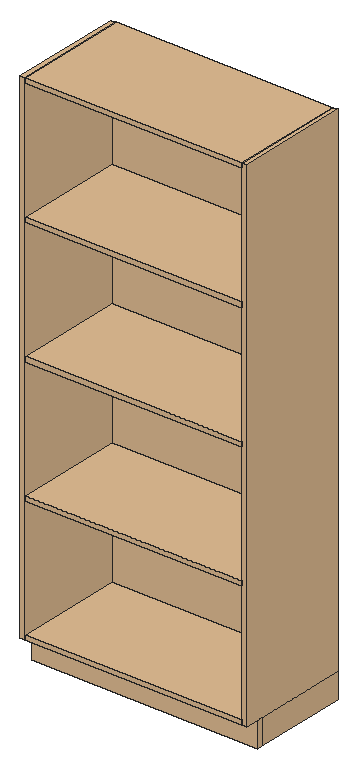
Revit family
Parameters
  URL = ""
  Top Panel Material = Default wood
  Toe Panel Material = Default wood
  Toe Kick Depth = 0' - 2 1/4"
  Side Panel Material = Default wood
  Shelf Panel Material = Default wood
  Model = ""
  Manufacturer = ""
  Description = ""
  Depth = 1' - 6"
  Height = 7' - 0"
  Width = 3' - 0"
  Content Creator URL = "http://www.revitcity.com/profile.php?user_id=49309"
  Content Creator = "Tino \"Voron\""
  Back Panel Material = Default wood
  Assembly Code = ""
Reference planes (in)
  plane 1 "Back": y = 0
  plane 2 "Center (Left/Right)": x = -4.16374
  plane 3 "Left": x = -22.16374
  plane 4 "Right": x = 13.83626
  plane 5 "Front": y = -18
  plane 6 "Top of Casework": z = 84
  plane 7 "Bottom Of Unit": z = 4
  plane 8: z = 23.8125
  plane 9: z = 43.625
  plane 10: z = 63.4375
  plane 11: z = 24.5625
  plane 12: z = 44.375
  plane 13: z = 64.1875
  plane 14: z = 83.25
  plane 15: y = -0.75
  plane 16: x = -21.41374
  plane 17: x = 13.08626
Forms (in)
  Extrusion 1, solid, material "Default wood" <- "Side Panel Material"
    sketch origin (-22.16374, 0, 0) x (0, -1, 0) y (0, 0, 1)
      loop
        line (0, 4) -> (18, 4) -> (18, 84) -> (0, 84) -> (0, 4)
    from -0.75 to 0
  Extrusion 2, solid, material "Default wood" <- "Side Panel Material"
    sketch origin (13.83626, 0, 0) x (0, -1, 0) y (0, 0, 1)
      loop
        line (18, 84) -> (0, 84) -> (0, 4) -> (18, 4) -> (18, 84)
    from 0 to 0.75
  Extrusion 3, solid, material "Default wood" <- "Shelf Panel Material"
    sketch origin (0, 0, 84) x (0, -1, 0) y (1, 0, 0)
      loop
        line (0, -21.41374) -> (18, -21.41374) -> (18, 13.08626) -> (0, 13.08626) -> (0, -21.41374)
    from -0.75 to 0
  Extrusion 4, solid, material "Default wood" <- "Back Panel Material"
    sketch origin (0, 0, 0) x (1, 0, 0) y (0, 0, 1)
      loop
        line (13.08626, 83.25) -> (-21.41374, 83.25) -> (-21.41374, 0) -> (13.08626, 0) -> (13.08626, 83.25)
    from 0 to 0.75
  Extrusion 5, solid, material "Default wood" <- "Shelf Panel Material"
    sketch origin (-0.09236, 0, -16.69531) x (1, 0, 0) y (0, 1, 0)
      loop
        line (-21.32138, -0.75) -> (-21.32138, -18) -> (13.17862, -18) -> (13.17862, -0.75) -> (-21.32138, -0.75)
    from 20.69531 to 21.44531
  Extrusion 6, solid, material "Default wood" <- "Shelf Panel Material"
    sketch origin (0, 0, 11.8125) x (0, -1, 0) y (-1, 0, 0)
      loop
        line (0.75, 21.41374) -> (0.75, -13.08626) -> (18, -13.08626) -> (18, 21.41374) -> (0.75, 21.41374)
    from -12.75 to -12
  Extrusion 7, solid, material "Default wood" <- "Shelf Panel Material"
    sketch origin (0, 0, 23.625) x (0, -1, 0) y (-1, 0, 0)
      loop
        line (0.75, 21.41374) -> (0.75, -13.08626) -> (18, -13.08626) -> (18, 21.41374) -> (0.75, 21.41374)
    from -20.75 to -20
  Extrusion 8, solid, material "Default wood" <- "Shelf Panel Material"
    sketch origin (0, 0, 35.4375) x (0, -1, 0) y (-1, 0, 0)
      loop
        line (0.75, 21.41374) -> (0.75, -13.08626) -> (18, -13.08626) -> (18, 21.41374) -> (0.75, 21.41374)
    from -28 to -28.75
  Extrusion 9, solid, material "Default wood" <- "Side Panel Material"
    sketch origin (-22.16374, 0, -33.75) x (0, -1, 0) y (0, 0, 1)
      loop
        line (0, 33.75) -> (15, 33.75) -> (15, 37.75) -> (0, 37.75) -> (0, 33.75)
    from -0.75 to 0
  Extrusion 10, solid, material "Default wood" <- "Side Panel Material"
    sketch origin (16.08626, 0, -33.75) x (0, -1, 0) y (0, 0, 1)
      loop
        line (0, 33.75) -> (15, 33.75) -> (15, 37.75) -> (0, 37.75) -> (0, 33.75)
    from 2.25 to 3
  Extrusion 11, solid, material "Default wood" <- "Toe Panel Material"
    sketch origin (-22.16374, 2.25, 0) x (0, -1, 0) y (0, 0, 1)
      loop
        line (18, 4) -> (17.25, 4) -> (17.25, 0) -> (18, 0) -> (18, 4)
    from 0 to -36
Lines and regions (in)
  symbolic lines, style "Plan Rep - Below"
    curve 1: line (-22.16374, 0, 0) -> (13.83626, 0, 0)
    curve 2: line (-22.16374, -18, 0) -> (-22.16374, 0, 0)
    curve 3: line (13.83626, -18, 0) -> (-22.16374, -18, 0)
    curve 4: line (13.83626, 0, 0) -> (13.83626, -18, 0)
Dimensions and locks (in)
  "Depth": plane 5 "Front" to plane 1 "Back"
  locked: Extrusion 5 to plane 7 "Bottom Of Unit" at 0.75
  locked: plane 11 to plane 8 at 0.75
  locked: plane 12 to plane 9 at 0.75
  locked: plane 13 to plane 10 at 0.75
  locked: plane 6 "Top of Casework" to plane 14 at 0.75
  locked: plane 1 "Back" to plane 15 at 0.75
  "Width": plane 3 "Left" to plane 4 "Right"
  equal spacing: plane 4 "Right", plane 2 "Center (Left/Right)", plane 3 "Left"
  equal spacing: plane 14, plane 10, plane 9, plane 8, plane 7 "Bottom Of Unit"
  locked: plane 7 "Bottom Of Unit" to level at 4
  locked: plane 3 "Left" to plane 16 at 0.75
  locked: plane 17 to plane 4 "Right" at 0.75
  locked: Extrusion 11 to Extrusion 11 at 0.75
  Extrusion 11 to Extrusion 2 = 0' - 4"
  "Toe Kick Depth": Extrusion 11 to plane 5 "Front"
  "Height": plane 6 "Top of Casework" to level
  aligned and locked: Extrusion 2 sketch curve to Extrusion 1
  aligned and locked: Extrusion 1 to Extrusion 2 sketch curve
  aligned and locked: Extrusion 4 sketch curve to Extrusion 2
  aligned and locked: Extrusion 4 sketch curve to Extrusion 3
  aligned and locked: Extrusion 1 to Extrusion 4 sketch curve
  aligned and locked: Extrusion 5 sketch curve to plane 5 "Front"
  aligned and locked: plane 5 "Front" to Extrusion 1 sketch curve
  aligned and locked: plane 5 "Front" to Extrusion 2 sketch curve
  aligned and locked: Extrusion 3 sketch curve to plane 5 "Front"
  aligned and locked: Extrusion 5 sketch curve to Extrusion 1
  aligned and locked: Extrusion 2 to Extrusion 5 sketch curve
  aligned and locked: Extrusion 3 sketch curve to Extrusion 1
  aligned and locked: Extrusion 3 sketch curve to Extrusion 2
  aligned and locked: Extrusion 6 sketch curve to Extrusion 5
  aligned and locked: Extrusion 7 sketch curve to Extrusion 5
  aligned and locked: Extrusion 8 sketch curve to Extrusion 5
  aligned and locked: Extrusion 1 to plane 7 "Bottom Of Unit"
  aligned and locked: Extrusion 2 to plane 7 "Bottom Of Unit"
  aligned and locked: Extrusion 1 to Extrusion 5
  aligned and locked: plane 8 to Extrusion 6
  aligned and locked: plane 9 to Extrusion 7
  aligned and locked: plane 11 to Extrusion 6
  aligned and locked: plane 12 to Extrusion 7
  aligned and locked: Extrusion 1 to plane 3 "Left"
  aligned and locked: Extrusion 2 to plane 4 "Right"
  aligned and locked: Extrusion 4 to level
  aligned and locked: plane 7 "Bottom Of Unit" to Extrusion 10
  aligned and locked: plane 7 "Bottom Of Unit" to Extrusion 9
  aligned and locked: plane 17 to Extrusion 8
  aligned and locked: plane 17 to Extrusion 7
  aligned and locked: Extrusion 6 to plane 17
  aligned and locked: Extrusion 5 to plane 17
  aligned and locked: Extrusion 3 to plane 16
  aligned and locked: Extrusion 7 to plane 16
  aligned and locked: plane 16 to Extrusion 6
  aligned and locked: plane 16 to Extrusion 5
  aligned and locked: plane 3 "Left" to Extrusion 9
  aligned and locked: Extrusion 9 to plane 16
  aligned and locked: Extrusion 10 to plane 4 "Right"
  aligned and locked: plane 17 to Extrusion 10
  aligned and locked: Extrusion 8 to plane 10
  aligned and locked: plane 13 to Extrusion 8
  aligned and locked: Extrusion 11 to Extrusion 10
  aligned and locked: Extrusion 9 to Extrusion 11
  aligned and locked: Extrusion 10 to Extrusion 11
  aligned and locked: plane 5 "Front" to Extrusion 5
Automatic sketch dimensions
  curve 3 to plane 3 "Left" = 0' - 0"
  curve 3 to plane 4 "Right" = 0' - 0"
  curve 3 to plane 5 "Front" = 0' - 0"
  curve 2 to plane 1 "Back" = 0' - 0"
  Extrusion 1 sketch curve to plane 1 "Back" = 0' - 0"
  Extrusion 1 sketch curve to plane 7 "Bottom Of Unit" = 0' - 0"
  Extrusion 1 sketch curve to plane 6 "Top of Casework" = 0' - 0"
  Extrusion 2 sketch curve to plane 7 "Bottom Of Unit" = 0' - 0"
  Extrusion 3 sketch curve to plane 1 "Back" = 0' - 0"
  Extrusion 4 sketch curve to plane 7 "Bottom Of Unit" = 0' - 4"
  Extrusion 5 sketch curve to plane 15 = 0' - 0"
  Extrusion 6 sketch curve to plane 15 = 0' - 0"
  Extrusion 6 sketch curve to plane 5 "Front" = 0' - 0"
  plane 2 "Center (Left/Right)" to Extrusion 6 sketch curve = 1' - 5 1/4"
  Extrusion 7 sketch curve to plane 15 = 0' - 0"
  Extrusion 7 sketch curve to plane 5 "Front" = 0' - 0"
  plane 2 "Center (Left/Right)" to Extrusion 7 sketch curve = 1' - 5 1/4"
  Extrusion 8 sketch curve to plane 15 = 0' - 0"
  Extrusion 8 sketch curve to plane 5 "Front" = 0' - 0"
  plane 2 "Center (Left/Right)" to Extrusion 8 sketch curve = 1' - 5 1/4"
  Extrusion 9 sketch curve to plane 1 "Back" = 0' - 0"
  Extrusion 9 sketch curve to plane 5 "Front" = 0' - 3"
  Extrusion 9 sketch curve to level = 0' - 0"
  level to Extrusion 9 sketch curve = 0' - 4"
  Extrusion 10 sketch curve to plane 1 "Back" = 0' - 0"
  Extrusion 10 sketch curve to plane 5 "Front" = 0' - 3"
  Extrusion 10 sketch curve to level = 0' - 0"
  level to Extrusion 10 sketch curve = 0' - 4"
  Extrusion 11 sketch curve to Extrusion 1 = 0' - 0"
  Extrusion 11 sketch curve to Extrusion 1 = 0' - 2 1/4"
  Extrusion 11 sketch curve to Extrusion 1 = 0' - 3"
  Extrusion 11 sketch curve to Extrusion 11 sketch curve = 0' - 4"
